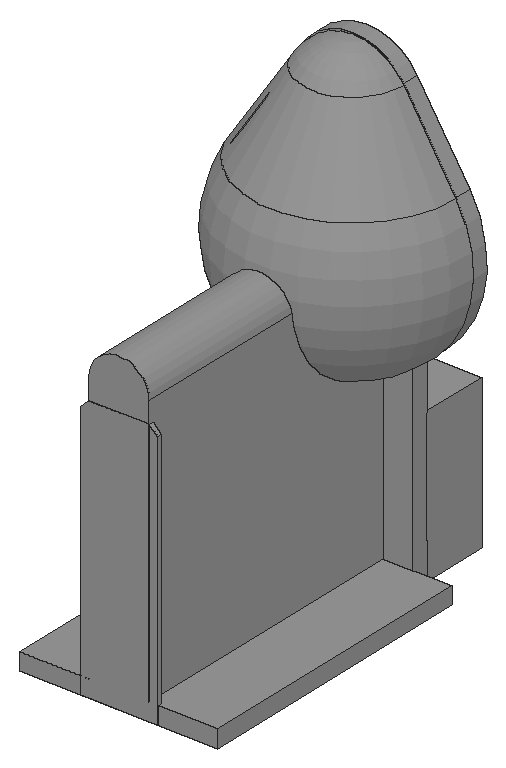
Revit family "Toilet-Willoughby-ETWS-1490-FM-BS-HC", category Plumbing Fixtures, Revit 2015
Parameters (values of type "Standard")
  Waste DIA = 2 3/8"
  Waste Connection = yes
  W-RAD [instance] = Waste DIA / 2  # 0' - 1 3/16"
  Vent Connection = no
  URL = "https://www.willoughby-ind.com/wp-content/uploads/2018/01/ETWS-1490-FM.pdf"
  Type Comments = ""
  Revision = "A"
  Model = "ETWS-1490-FM-BS-HC"
  Manufacturer = "Willoughby Industries"
  HW Connection = no
  Flush inlet DIA = 1 1/2"
  Flush Inlet Connection = yes
  Fixture Body = Stainless Steel AISI 304-Willoughby
  F-RAD [instance] = Flush inlet DIA / 2  # 0' - 0 3/4"
  Description = "Floor Mounted Siphon Jet Flush Toilet, Back Spud, Handicap Seat Height"
  Default Elevation = 0' - 0"
  Contact Number = "(800) 428-4065"
  CW Connection = no
Reference planes (in)
  plane 1 "Base": y = -16.25
  plane 2: z = 0
  plane 3 "Center": x = 18.31072
  plane 4 "Seat HGT": y = -1.25
  plane 5: z = -6.75
  plane 6: y = -2.125
  plane 7: y = -14.0625
  plane 8 "Flush HGT": y = 3.5
  plane 9: x = 16.56072
  plane 10: x = 20.06072
  plane 11: x = 12.56072
  plane 12: x = 24.06072
  plane 13 "Waste HGT": y = -7.75
  plane 14: z = 8.875
  plane 15: z = 27.75
  plane 16: y = 5.75
  plane 17: y = 1.75
  plane 18: y = 0.75
Forms (in)
  Extrusion 1, solid, material "Stainless Steel AISI 304-Willoughby" <- "Fixture Body"
    sketch origin (0, 1.75, -12) x (0, 0, -1) y (-1, 0, 0)
      loop
        arc (-23.65867, -14.78334) -> (-27.96091, -11.50819) -> (-33.31322, -12.27544) r 7
        line (-33.31322, -12.27544) -> (-38.16835, -15.31741)
        arc (-38.16835, -15.31741) -> (-39.81005, -18.28334) -> (-38.16835, -21.24927) r 3.5
        line (-38.16835, -21.24927) -> (-33.31322, -24.29124)
        arc (-33.31322, -24.29124) -> (-27.97624, -25.06245) -> (-23.67456, -21.81072) r 7
        line (-23.67456, -21.81072) -> (-12, -21.81072) -> (-12, -14.78334) -> (-23.65867, -14.78334)
      loop
        line (-31.56337, -14.0412) -> (-37.09622, -16.44433)
        arc (-37.09622, -16.44433) -> (-38.31005, -18.28334) -> (-37.09622, -20.12234) r 2
        line (-37.09622, -20.12234) -> (-31.56337, -22.52547)
        arc (-31.56337, -22.52547) -> (-25.09585, -18.28334) -> (-31.56337, -14.0412) r 4.625
    from 0 to -1
  Revolve 2, solid, material "Stainless Steel AISI 304-Willoughby" <- "Fixture Body"
    sketch origin (19.37246, 0.75, -1.93826) x (-1, 0, 0) y (0, 0, -1)
      loop
        line (1.06174, -12.59906) -> (1.06174, -12.84906)
        arc (1.06174, -12.84906) -> (6.96784, -16.33096) -> (6.78077, -23.18447) r 6.75
        line (6.78077, -23.18447) -> (3.81535, -27.91457)
        arc (3.81535, -27.91457) -> (2.63527, -29.03194) -> (1.06174, -29.43826) r 3.25
        line (1.06174, -29.43826) -> (1.06174, -29.68826)
        arc (1.06174, -29.68826) -> (2.75672, -29.25045) -> (4.02767, -28.04656) r 3.5
        line (4.02767, -28.04656) -> (7.06964, -23.19143)
        arc (7.06964, -23.19143) -> (7.15052, -16.14555) -> (1.06174, -12.59906) r 7
      axis (1.06174, -12.59906) -> (1.06174, -29.68826)
    angle from 0 to -180
  Extrusion 3, solid, material "Stainless Steel AISI 304-Willoughby" <- "Fixture Body"
    sketch origin (19.53334, -0.25, -2.9508) x (0, 1, 0) y (0, 0, 1)
      loop
        line (-5.27082, 2.9508) -> (1, 2.9508) -> (1, 13.76086)
        arc (1, 13.76086) -> (-2.93256, 15.26109) -> (-5.27082, 18.76086) r 6.92744
        line (-5.27082, 18.76086) -> (-5.27082, 2.9508)
    from 0.52738 to -2.97262
  Extrusion 4, solid, material "Stainless Steel AISI 304-Willoughby" <- "Fixture Body"
    sketch origin (0, 14.59309, -3) x (1, 0, 0) y (0, 1, 0)
      loop
        circle (18.31072, -22.34309) r 1.1875
    from 5.5 to 0
  Extrusion 5, solid, material "Stainless Steel AISI 304-Willoughby" <- "Fixture Body"
    sketch origin (18.31072, 0, -1) x (0, 1, 0) y (0, 0, 1)
      loop
        line (1.75, 1) -> (5.75, 1) -> (5.75, 9.875) -> (1.75, 9.875) -> (1.75, 1)
    from -3.52738 to 3.5
  Extrusion 6, solid, material "Stainless Steel AISI 304-Willoughby" <- "Fixture Body"
    sketch origin (0, 0, 0) x (1, 0, 0) y (0, 1, 0)
      loop
        circle (18.31072, 3.5) r 0.75
    from 0 to 1
  Extrusion 7, solid, material "Stainless Steel AISI 304-Willoughby" <- "Fixture Body"
    sketch origin (0, -16.25, 0) x (1, 0, 0) y (0, 0, 1)
      loop
        line (24.06072, 0) -> (24.06072, 1) -> (12.56072, 1) -> (12.56072, 0) -> (24.06072, 0)
    from -17 to 0
  Extrusion 8, solid, material "Stainless Steel AISI 304-Willoughby" <- "Fixture Body"
    sketch origin (0, -16.25, 2) x (1, 0, 0) y (0, 0, 1)
      loop
        line (20.06072, -2) -> (20.06072, 14.68252)
        arc (20.06072, 14.68252) -> (18.31072, 16.43252) -> (16.56072, 14.68252) r 1.75
        line (16.56072, 14.68252) -> (16.56072, -2) -> (20.06072, -2)
    from 0 to -10.72918
  Extrusion 9, solid, material "Stainless Steel AISI 304-Willoughby" <- "Fixture Body"
    sketch origin (0, -16.25, 0) x (1, 0, 0) y (0, 0, 1)
      loop
        line (20.06072, 0) -> (20.56072, 0) -> (20.56072, 15) -> (20.06072, 15.5) -> (16.56072, 15.5) -> (16.06072, 15) -> (16.06072, 0) -> (16.56072, 0) -> (20.06072, 0)
    from 0 to -0.25
Cuts and joins
  joined: Extrusion 3, Extrusion 5, Extrusion 7, Extrusion 8
Lines and regions (in)
  symbolic lines
    curve 1: line (11.28334, 0.75, 0) -> (11.28334, 1.75, 0)
    curve 2: line (11.28334, 1.75, 0) -> (25.28334, 1.75, 0)
    curve 3: line (25.28334, 1.75, 0) -> (25.28334, 0.75, 0)
    curve 4: line (24.06072, -3.20245, 0) -> (24.06072, -16.25, 0)
    curve 5: line (24.06072, -16.25, 0) -> (12.56072, -16.25, 0)
    curve 6: line (12.56072, -16.25, 0) -> (12.56072, -3.28133, 0)
    curve 7: line (20.06072, -6.02059, 0) -> (20.06072, -16.25, 0)
    curve 8: line (16.56072, -6.03473, 0) -> (16.56072, -16.25, 0)
    curve 9: line (16.56072, -16, 0) -> (16.06072, -16, 0)
    curve 10: line (16.06072, -16, 0) -> (16.06072, -16.25, 0)
    curve 11: line (20.06072, -16, 0) -> (20.56072, -16, 0)
    curve 12: line (20.56072, -16, 0) -> (20.56072, -16.25, 0)
    curve 13: line (14.78334, -16.25, 11.65867) -> (14.78334, -16.25, 0)
    curve 14: line (21.81072, -16.25, 11.67456) -> (21.81072, -16.25, 0)
    curve 15: line (21.81072, -16.25, 0) -> (14.78334, -16.25, 0)
    curve 16: line (14.78334, -16.25, 1) -> (12.56072, -16.25, 1)
    curve 17: line (12.56072, -16.25, 1) -> (12.56072, -16.25, 0)
    curve 18: line (21.81072, -16.25, 1) -> (24.06072, -16.25, 1)
    curve 19: line (24.06072, -16.25, 1) -> (24.06072, -16.25, 0)
    curve 21: arc (21.81072, -16.25, 11.67456) -> (25.08309, -16.25, 15.93539) -> (24.31862, -16.25, 21.25317) r 6.91677
    curve 22: line (24.31862, -16.25, 21.25317) -> (21.25205, -16.25, 26.1639)
    curve 23: arc (21.25205, -16.25, 26.1639) -> (19.99152, -16.25, 27.34663) -> (18.31072, -16.25, 27.75) r 3.3743
    curve 24: arc (18.31072, -16.25, 27.75) -> (16.6278, -16.25, 27.31167) -> (15.31741, -16.25, 26.16835) r 3.79289
    curve 25: line (15.31741, -16.25, 26.16835) -> (12.35249, -16.25, 21.43905)
    curve 26: arc (12.35249, -16.25, 21.43905) -> (11.49002, -16.25, 16.03241) -> (14.78334, -16.25, 11.65867) r 7
    curve 32: line (18.31072, -8.29114, 18.44021) -> (18.31072, -16.25, 18.44021)
    curve 33: line (18.31072, -16.25, 18.44021) -> (18.31072, -16.25, 0)
    curve 34: line (18.31072, -16.25, 0) -> (18.31072, 5.75, 0)
    curve 35: line (18.31072, 5.75, 0) -> (18.31072, 5.75, 8.875)
    curve 36: line (18.31072, 5.75, 8.875) -> (18.31072, 1.75, 8.875)
    curve 37: line (18.31072, 1.75, 8.875) -> (18.31072, 1.75, 27.81005)
    curve 38: line (18.31072, 0.75, 11.65867) -> (18.31072, 1.75, 11.65867)
    curve 39: line (18.31072, 0.75, 11.65867) -> (18.31072, 0.75, 1)
    curve 40: line (18.31072, 0.75, 0) -> (18.31072, 0.75, 1)
    curve 41: line (18.31072, 0.75, 1) -> (18.31072, -16.25, 1)
    curve 42: line (18.31072, 1.75, 27.81005) -> (18.31072, 0.75, 27.81005)
    curve 43: arc (18.31072, 0.75, 27.81005) -> (18.31072, -0.30762, 27.63307) -> (18.31072, -1.25, 27.1214) r 3.24854
    curve 44: arc (18.31072, -1.25, 27.1214) -> (18.31072, -1.65612, 26.77453) -> (18.31072, -2.03047, 26.3936) r 6.12214
    curve 45: line (18.31072, -2.03047, 26.3936) -> (18.31072, -5.2579, 21.25317)
    curve 46: arc (18.31072, -5.2579, 21.25317) -> (18.31072, -5.90086, 19.90889) -> (18.31072, -6.22182, 18.45373) r 6.52036
    curve 47: arc (18.31072, -6.22182, 18.45373) -> (18.31072, -4.28243, 13.22131) -> (18.31072, 0.75, 10.81005) r 7.43828
    curve 48: line (18.31072, -6.22182, 18.45373) -> (18.31072, -16.22182, 18.45373)
    curve 49: arc (11.28334, 0.75, 0) -> (18.28334, -6.25, 0) -> (25.28334, 0.75, 0) r 7
  symbolic lines, detail levels medium+fine
    curve 20: line (21.81072, -16.25, 8.875) -> (14.78334, -16.25, 8.875)
  symbolic lines, detail levels fine
    curve 27: arc (14.0412, -16.25, 19.56337) -> (18.28334, -16.25, 13.09585) -> (22.52547, -16.25, 19.56337) r 4.625
    curve 28: line (22.52547, -16.25, 19.56337) -> (20.12234, -16.25, 25.09622)
    curve 29: arc (20.12234, -16.25, 25.09622) -> (19.38317, -16.25, 25.97635) -> (18.28334, -16.25, 26.31005) r 2.01767
    curve 30: arc (18.28334, -16.25, 26.31005) -> (17.17969, -16.25, 25.98213) -> (16.44433, -16.25, 25.09622) r 1.9827
    curve 31: line (16.44433, -16.25, 25.09622) -> (14.0412, -16.25, 19.56337)
Dimensions and locks (in)
  locked: plane 1 "Base" to plane 17 at 18
  plane 13 "Waste HGT" to plane 1 "Base" = 0' - 8 1/2"
  plane 1 "Base" to plane 13 "Waste HGT" = 0' - 8 1/2"
  plane 1 "Base" to plane 8 "Flush HGT" = 1' - 7 3/4"
  plane 11 to plane 12 = 0' - 11 1/2"
  level to plane 15 = 2' - 3 3/4"
  plane 16 to plane 4 "Seat HGT" = 0' - 7"
  plane 16 to plane 17 = 0' - 4"
  plane 8 "Flush HGT" to plane 13 "Waste HGT" = 0' - 11 1/4"
  plane 17 to plane 18 = 0' - 1"
  locked: plane 17 to plane 1 "Base" at 18
  "W-RAD": radius of Extrusion 4 sketch curve
  "F-RAD": radius of Extrusion 6 sketch curve
  aligned and locked: plane 3 "Center" to Extrusion 4 sketch curve
  aligned and locked: plane 8 "Flush HGT" to Extrusion 6 sketch curve
  aligned and locked: plane 3 "Center" to Extrusion 6 sketch curve
  aligned and locked: plane 13 "Waste HGT" to Extrusion 4 sketch curve
  aligned and locked: level to cut or joined group of Extrusion 3, Extrusion 5, Extrusion 7, Extrusion 8
  aligned and locked: cut or joined group of Extrusion 3, Extrusion 5, Extrusion 7, Extrusion 8 to cut or joined group of Extrusion 3, Extrusion 5, Extrusion 7, Extrusion 8
  aligned and locked: plane 16 to Extrusion 5
  aligned and locked: Extrusion 1 to plane 18
  aligned and locked: Extrusion 8 to Extrusion 3
  aligned and locked: curve 2 to Extrusion 1
  aligned and locked: curve 1 to Extrusion 1
Automatic sketch dimensions
  Revolve 2 sketch curve to Revolve 2 sketch curve = 0' - 0"  (x2)
  Revolve 2 sketch curve to plane 3 "Center" = 0' - 0"  (x3)
  plane 3 "Center" to Revolve 2 sketch curve = 0' - 0"
  Revolve 2 sketch curve to plane 3 "Center" = 0' - 2.75361"
  Revolve 2 sketch curve to Revolve 2 sketch curve = 0' - 0.21232"
  Revolve 2 sketch curve to Revolve 2 sketch curve = 0' - 2.96542"
  Revolve 2 sketch curve to Revolve 2 sketch curve = 0' - 0.28887"
  level to Revolve 2 sketch curve = 2' - 3 3/4"
  Revolve 2 sketch curve to Revolve 2 sketch curve = 0' - 0 1/4"
  Revolve 2 sketch curve to Revolve 2 sketch curve = 0' - 1.3917"
  Revolve 2 sketch curve to Revolve 2 sketch curve = 0' - 0.13199"
  Revolve 2 sketch curve to Revolve 2 sketch curve = 0' - 4.85513"
  Revolve 2 sketch curve to Revolve 2 sketch curve = 0' - 0.00696"
  Revolve 2 sketch curve to Revolve 2 sketch curve = 0' - 3 1/4"
  Revolve 2 sketch curve to Revolve 2 sketch curve = 0' - 3.3392"
  Revolve 2 sketch curve to Revolve 2 sketch curve = 0' - 2.4108"
  level to Extrusion 3 sketch curve = 0' - 0"
  plane 6 to Extrusion 3 sketch curve = 0' - 2 7/8"
  Extrusion 3 sketch curve to plane 4 "Seat HGT" = 0' - 2.3862"
  Extrusion 3 sketch curve to Extrusion 3 sketch curve = 0' - 10.81005"
  Extrusion 3 sketch curve to Extrusion 3 sketch curve = 0' - 5"
  Extrusion 5 sketch curve to level = 0' - 0"
  Extrusion 5 sketch curve to plane 4 "Seat HGT" = 0' - 3"
  Extrusion 5 sketch curve to plane 8 "Flush HGT" = 0' - 2 1/4"
  level to Extrusion 5 sketch curve = 0' - 8 7/8"
  Extrusion 7 sketch curve to level = 0' - 0"
  level to Extrusion 7 sketch curve = 0' - 1"
  plane 11 to Extrusion 7 sketch curve = 0' - 0"
  Extrusion 7 sketch curve to plane 12 = 0' - 0"
  level to Extrusion 8 sketch curve = 0' - 0"
  Extrusion 8 sketch curve to plane 10 = 0' - 0"
  level to Extrusion 8 sketch curve = 1' - 4.68252"
  plane 9 to Extrusion 8 sketch curve = 0' - 0"
  Extrusion 3 sketch curve to Extrusion 3 sketch curve = 0' - 6.27082"
  Extrusion 9 sketch curve to level = 0' - 0"
  Extrusion 9 sketch curve to plane 9 = 0' - 0"  (x2)
  Extrusion 9 sketch curve to plane 10 = 0' - 0"  (x2)
  Extrusion 9 sketch curve to Extrusion 9 sketch curve = 0' - 0 1/2"  (x3)
  plane 10 to Extrusion 9 sketch curve = 0' - 0 1/2"
  plane 14 to Extrusion 9 sketch curve = 0' - 6 1/8"
  curve 26 to curve 27 = 0' - 0"  (x2)
  curve 17 to plane 11 = 0' - 0"
  curve 13 to level = 0' - 0"
  curve 20 to plane 14 = 0' - 0"
  curve 24 to plane 3 "Center" = 0' - 0"
  curve 23 to plane 3 "Center" = 0' - 0"
  curve 19 to plane 12 = 0' - 0"
  curve 19 to level = 0' - 0"
  curve 17 to level = 0' - 0"
  curve 25 to plane 11 = 0' - 0.20823"
  curve 13 to plane 9 = 0' - 1.77738"
  curve 25 to plane 9 = 0' - 1.24331"
  curve 29 to plane 3 "Center" = 0' - 0.03902"
  curve 29 to curve 30 = 0' - 0.0002"
  curve 26 to plane 3 "Center" = 0' - 0.02738"
  plane 3 "Center" to curve 23 = 0' - 0.07924"
  plane 3 "Center" to curve 21 = 0' - 0.08114"
  plane 3 "Center" to curve 24 = 0' - 0.08907"
  plane 10 to curve 28 = 0' - 0.06162"
  plane 10 to curve 22 = 0' - 1.19133"
  plane 10 to curve 14 = 0' - 1 3/4"
  curve 28 to plane 12 = 0' - 1.53525"
  plane 12 to curve 22 = 0' - 0.2579"
  level to curve 16 = 0' - 1"
  curve 19 to curve 19 = 0' - 1"
  plane 14 to curve 13 = 0' - 2.78367"
  plane 14 to curve 14 = 0' - 2.79956"
  curve 14 to curve 21 = 0' - 6.01275"
  curve 21 to curve 27 = 0' - 0.03353"
  curve 28 to curve 21 = 0' - 1.6898"
  curve 28 to curve 24 = 0' - 4.39478"
  curve 24 to curve 29 = 0' - 0.33426"
  curve 29 to curve 30 = 0' - 0.03496"
  curve 30 to curve 23 = 0' - 0.04925"
  curve 28 to curve 23 = 0' - 1.06768"
  plane 11 to curve 31 = 0' - 1 123/256"
  curve 30 to plane 9 = 0' - 0.11639"
  curve 30 to curve 29 = 0' - 0"
  Extrusion 1 sketch curve to Extrusion 1 sketch curve = 0' - 0"  (x8)
  Extrusion 1 sketch curve to level = 0' - 0"
  plane 14 to Extrusion 1 sketch curve = 0' - 2.78367"
  plane 14 to Extrusion 1 sketch curve = 0' - 2.79956"
  Extrusion 1 sketch curve to plane 3 "Center" = 0' - 0.02738"  (x2)
  Extrusion 1 sketch curve to Extrusion 1 sketch curve = 0' - 6.06218"
  plane 11 to Extrusion 1 sketch curve = 0' - 1 123/256"
  Extrusion 1 sketch curve to Extrusion 1 sketch curve = 0' - 1.84253"
  Extrusion 1 sketch curve to plane 12 = 0' - 1.53525"
  plane 12 to Extrusion 1 sketch curve = 0' - 0.23052"
  Extrusion 1 sketch curve to Extrusion 1 sketch curve = 0' - 1.74985"  (x2)
  Extrusion 1 sketch curve to plane 11 = 0' - 0.28528"
  Extrusion 1 sketch curve to plane 15 = 0' - 3.43995"
  Extrusion 1 sketch curve to plane 9 = 0' - 0.11639"
  Extrusion 1 sketch curve to Extrusion 1 sketch curve = 0' - 0.78617"
  plane 10 to Extrusion 1 sketch curve = 0' - 0.06162"
  Extrusion 1 sketch curve to Extrusion 1 sketch curve = 0' - 1.07212"  (x2)
  plane 10 to Extrusion 1 sketch curve = 0' - 1.18855"
  curve 32 to plane 1 "Base" = 0' - 0"
  curve 43 to plane 4 "Seat HGT" = 0' - 0"
  curve 44 to plane 4 "Seat HGT" = 0' - 0"
  curve 41 to plane 18 = 0' - 0"
  curve 42 to plane 18 = 0' - 0"
  curve 36 to plane 14 = 0' - 0"
  curve 36 to plane 17 = 0' - 0"
  curve 36 to plane 16 = 0' - 0"
  curve 34 to level = 0' - 0"
  plane 13 "Waste HGT" to curve 45 = 0' - 2.4921"
  plane 6 to curve 45 = 0' - 0.09453"
  curve 46 to plane 18 = 0' - 0.48574"
  plane 18 to curve 47 = 0' - 0.46321"
  plane 17 to curve 44 = 0' - 0.76917"
  level to curve 41 = 0' - 1"
  plane 14 to curve 38 = 0' - 2.78367"
  curve 38 to curve 46 = 0' - 6.1274"
  curve 46 to curve 47 = 0' - 0.44783"
  curve 32 to plane 15 = 0' - 9.30979"
  curve 32 to curve 45 = 0' - 2.81296"
  curve 47 to curve 44 = 0' - 4.06319"
  curve 44 to curve 43 = 0' - 2.26443"
  curve 48 to plane 1 "Base" = 0' - 0.02818"
  curve 32 to plane 13 "Waste HGT" = 0' - 0.54114"
  plane 13 "Waste HGT" to curve 48 = 0' - 1.52818"
  curve 6 to plane 11 = 0' - 0"
  plane 1 "Base" to curve 10 = 0' - 0"
  curve 8 to plane 9 = 0' - 0"
  curve 7 to plane 10 = 0' - 0"
  curve 4 to plane 12 = 0' - 0"
  curve 1 to plane 11 = 0' - 1.27738"
  curve 9 to plane 1 "Base" = 0' - 0 1/4"
  curve 9 to plane 9 = 0' - 0 1/2"
  curve 49 to plane 3 "Center" = 0' - 0.02738"
  curve 11 to plane 1 "Base" = 0' - 0 1/4"
  plane 10 to curve 11 = 0' - 0 1/2"
Connectors (in)
  piping at (18.31072, -7.75, -3), diameter 2.375, driven by "W-RAD", driven by "Waste Connection"
    settings: on Extrusion 4, index 1, connector inside diameter 2 1/2", connector length 0' - 0", flow factor 0, pipe flow 0 GPM, pressure drop 0.00 psi, fitting loss kfactor 0, connector angle 0.00°, fixture units 0, engagement length 0' - 0", angle of deflection 0.00°, flow configuration 0, flow direction 2, fitting loss method 0, system type 16, joint type 0, gender type 0, connector reference index -1, connector utility 1, adjustable connector yes, is connector primary yes, connector description "Toilet Waste"
  piping at (18.31072, 3.5, 1), diameter 1.5, driven by "F-RAD", driven by "Flush Inlet Connection"
    settings: on Extrusion 6, index 2, connector inside diameter 1 1/2", connector length 0' - 0", flow factor 0, pipe flow 0 GPM, pressure drop 0.00 psi, fitting loss kfactor 0, connector angle 0.00°, fixture units 0, engagement length 0' - 0", angle of deflection 0.00°, flow configuration 0, flow direction 1, fitting loss method 0, system type 20, joint type 0, gender type 0, connector reference index -1, connector utility 1, adjustable connector no, is connector primary no, connector description "Flush Inlet"
